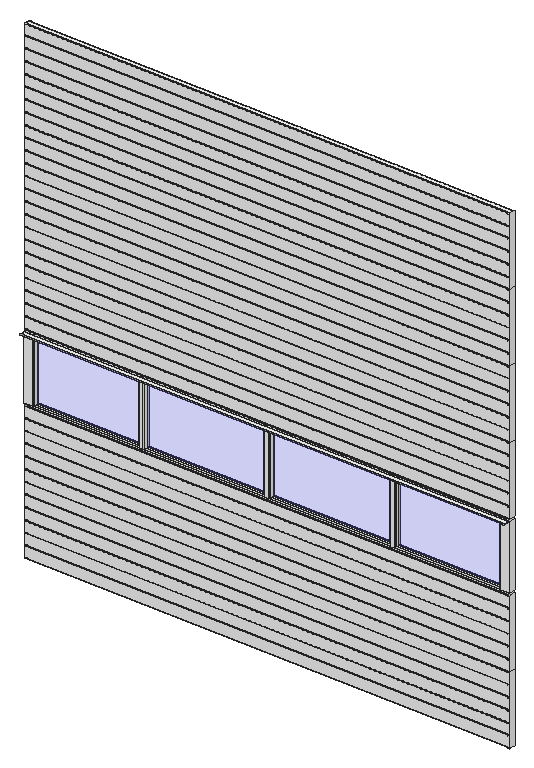
Revit family (continued)
Definition of nested family "Full Vision Section"
  Definition of nested family "902 Int Stile Array"
    Forms (in)
      Extrusion 3, solid, material <- "Frame Material"
        sketch origin (-88, 0, 0) x (1, 0, 0) y (0, 1, 0)
          loop
            line (-0.65625, 0) -> (-0.65625, -0.125) -> (-0.78125, -0.125) -> (-1.15625, -0.5) -> (-1.15625, -0.63751) -> (-0.65625, -0.63751) -> (-0.65625, -0.88751) -> (-1.15625, -0.88751) -> (-1.15625, -1.88751) -> (-0.65625, -1.88751) -> (-0.65625, -2.125) -> (0.65625, -2.125) -> (0.65625, -1.88751) -> (1.15625, -1.88751) -> (1.15625, -0.88751) -> (0.65625, -0.88751) -> (0.65625, -0.63751) -> (1.15625, -0.63751) -> (1.15625, -0.5) -> (0.78125, -0.125) -> (0.65625, -0.125) -> (0.65625, 0) -> (-0.65625, 0)
        from 0 to 22.3125 <- "Stile Height"
      Extrusion 4, solid, material <- "Frame Material"
        sketch origin (-132, 0, 0) x (1, 0, 0) y (0, 1, 0)
          loop
            line (-0.65625, 0) -> (-0.65625, -0.125) -> (-0.78125, -0.125) -> (-1.15625, -0.5) -> (-1.15625, -0.63751) -> (-0.65625, -0.63751) -> (-0.65625, -0.88751) -> (-1.15625, -0.88751) -> (-1.15625, -1.88751) -> (-0.65625, -1.88751) -> (-0.65625, -2.125) -> (0.65625, -2.125) -> (0.65625, -1.88751) -> (1.15625, -1.88751) -> (1.15625, -0.88751) -> (0.65625, -0.88751) -> (0.65625, -0.63751) -> (1.15625, -0.63751) -> (1.15625, -0.5) -> (0.78125, -0.125) -> (0.65625, -0.125) -> (0.65625, 0) -> (-0.65625, 0)
        from 0 to 22.3125 <- "Stile Height"
    Dimensions and locks (in)
      "Stile Height": level to plane 4
      locked: Extrusion 1 sketch curve to Extrusion 1 sketch curve at 1.3125
      locked: Extrusion 1 sketch curve to Extrusion 1 sketch curve at 0.5  (x2)
      locked: Extrusion 1 sketch curve to Extrusion 1 sketch curve at 2.125
      locked: Extrusion 1 sketch curve to Extrusion 1 sketch curve at 0.25
      locked: Extrusion 1 sketch curve to Extrusion 1 sketch curve at 1
      locked: Extrusion 1 sketch curve to Extrusion 1 sketch curve at 0.375  (x4)
      locked: Extrusion 1 sketch curve to Extrusion 1 sketch curve at 0.125  (x3)
      locked: Extrusion 2 sketch curve to Extrusion 2 sketch curve at 1.3125
      locked: Extrusion 2 sketch curve to Extrusion 2 sketch curve at 0.5  (x2)
      locked: Extrusion 2 sketch curve to Extrusion 2 sketch curve at 2.125
      locked: Extrusion 2 sketch curve to Extrusion 2 sketch curve at 0.25
      locked: Extrusion 2 sketch curve to Extrusion 2 sketch curve at 1
      locked: Extrusion 2 sketch curve to Extrusion 2 sketch curve at 0.375  (x4)
      locked: Extrusion 2 sketch curve to Extrusion 2 sketch curve at 0.125  (x3)
      equal spacing: group 4, group 3, group 2, group 1
      equal spacing: group 1, group 2, group 3, group 4  (x2)
      "IntStileCtrCtr": plane 5 to plane 6
      locked: Extrusion 3 sketch curve to Extrusion 3 sketch curve at 1.3125
      locked: Extrusion 3 sketch curve to Extrusion 3 sketch curve at 0.5  (x2)
      locked: Extrusion 3 sketch curve to Extrusion 3 sketch curve at 2.125
      locked: Extrusion 3 sketch curve to Extrusion 3 sketch curve at 0.25
      locked: Extrusion 3 sketch curve to Extrusion 3 sketch curve at 1
      locked: Extrusion 3 sketch curve to Extrusion 3 sketch curve at 0.375  (x4)
      locked: Extrusion 3 sketch curve to Extrusion 3 sketch curve at 0.125  (x3)
      locked: Extrusion 4 sketch curve to Extrusion 4 sketch curve at 1.3125
      locked: Extrusion 4 sketch curve to Extrusion 4 sketch curve at 0.5  (x2)
      locked: Extrusion 4 sketch curve to Extrusion 4 sketch curve at 2.125
      locked: Extrusion 4 sketch curve to Extrusion 4 sketch curve at 0.25
      locked: Extrusion 4 sketch curve to Extrusion 4 sketch curve at 1
      locked: Extrusion 4 sketch curve to Extrusion 4 sketch curve at 0.375  (x4)
      locked: Extrusion 4 sketch curve to Extrusion 4 sketch curve at 0.125  (x3)
      aligned and locked: plane 2 to level
      aligned and locked: Extrusion 1 sketch curve to Extrusion 1 sketch curve  (x8)
      aligned and locked: Extrusion 2 sketch curve to Extrusion 2 sketch curve  (x8)
      aligned and locked: plane 5 to Extrusion 1
      aligned and locked: plane 6 to Extrusion 2
      aligned and locked: Extrusion 3 sketch curve to Extrusion 3 sketch curve  (x8)
      aligned and locked: Extrusion 4 sketch curve to Extrusion 4 sketch curve  (x8)
    Automatic sketch dimensions
      Extrusion 1 sketch curve to Extrusion 1 sketch curve = 0' - 0.23749"
      Extrusion 2 sketch curve to Extrusion 2 sketch curve = 0' - 0.23749"
      Extrusion 3 sketch curve to Extrusion 3 sketch curve = 0' - 0.23749"
      Extrusion 4 sketch curve to Extrusion 4 sketch curve = 0' - 0.23749"
